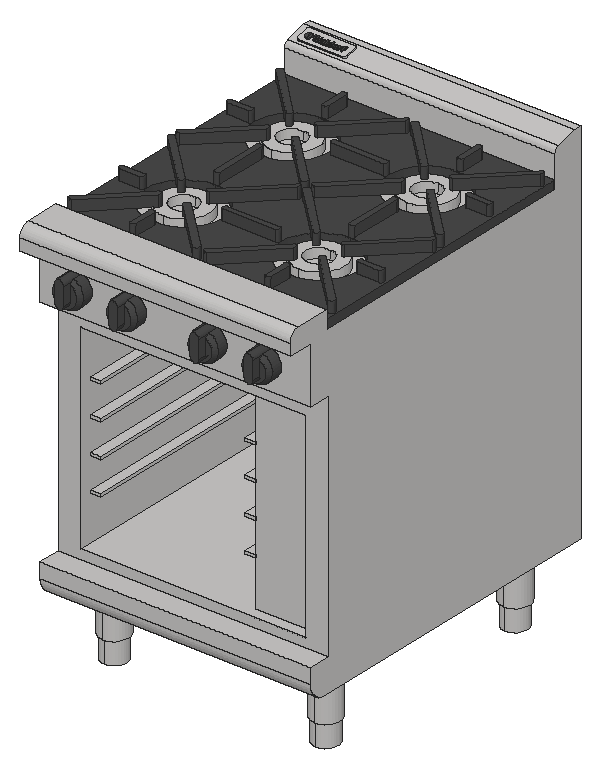
Revit family "QF_MOFFAT WALDORF_RNL8400G-CB", category Specialty Equipment, Revit 2012
Parameters
  Weight in Pounds = 176.3696
  URL Cutsheet = "www.moffat.com"
  URL = "www.moffat.com"
  Type Mark [instance] = ""
  Status [instance] = ""
  Specification by User [instance] = ""
  Specification by Manufacturer = ""
  Show Logo [instance] = yes
  Show Casters [instance] = no
  Serial Number = ""
  Seismic Rating = ""
  SMACNA No = ""
  Revision Code [instance] = ""
  Omniclass Number and Title = ""
  NAFEM Spec ID Number = ""
  Model = "RNL8400G-CB"
  Mechanical Remarks [instance] = ""
  Mechanical Connection Type [instance] = ""
  Masterspec = ""
  Manufacturer = "MOFFAT WALDORF"
  Legs [instance] = not(Show Casters)  # yes
  Item Number [instance] = ""
  Installed By [instance] = ""
  Identify Quantity as Lot [instance] = yes
  Gas Size = 3/4"
  Gas RI Height [instance] = 0 mm
  Gas KW [instance] = 31
  Gas Input [instance] = 106156.0 Btu/h
  Gas Connection Height = 0 mm
  Furnished By [instance] = ""
  Foodservice Equipment Identifier [instance] = yes
  Description = "COOK TOP LOW SPLASHBACK GAS ON CABINET BASE"
  CSI MasterFormat = ""
  CSI Master Format = ""
Reference planes
  plane 1 "BACK": y = 0
  plane 2: z = 0
  plane 3 "LEFT": x = 0
  plane 4 "RIGHT": x = 600
  plane 5 "FRONT": y = -805
  plane 6 "TOP": z = 970
  plane 7 "Center Y": x = 300
  plane 8 "Center X": y = -402.5
  plane 9: x = 65
  plane 10: x = 535
  plane 11: x = 65
  plane 12: x = 535
  plane 13: y = -100
  plane 14: x = 65.8
  plane 15 "Base Height": z = 150
Forms (mm)
  Extrusion 1, solid, material "QF_Finishes_Stainless Steel"
    sketch origin (0, 0, 0) x (0, 1, 0) y (0, 0, 1)
      loop
        line (-805, 891) -> (-805, 866) -> (-749, 866) -> (-749, 740) -> (-150, 740) -> (-150, 222.5) -> (-749, 222.5) -> (-749, 188)
        arc (-749, 188) -> (-737.87, 161.13) -> (-711, 150) r 38
        line (-711, 150) -> (0, 150) -> (0, 970) -> (-16.5, 970) -> (-61.106, 958.048)
        arc (-61.106, 958.048) -> (-67.52, 953.762) -> (-70, 946.457) r 12
        line (-70, 946.457) -> (-70, 875) -> (-705, 875) -> (-705, 915) -> (-781, 915)
        arc (-781, 915) -> (-797.971, 907.971) -> (-805, 891) r 24
    from 0 to 600
  Revolve 2, solid, material "QF_Finishes_Black"
    sketch origin (210, 0, 765.895) x (0, -1, 0) y (0, 0, 1)
      loop
        line (782, 69.605) -> (759, 69.605) -> (759, 42.105) -> (749, 42.105) -> (749, 37.105) -> (793, 37.105) -> (793, 63.757) -> (782, 69.605)
      axis (793, 37.105) -> (749, 37.105)
    angle from 0 to 360
  Extrusion 3, solid, material "QF_Finishes_Black"
    sketch origin (71.569, 0, 661.898) x (1, 0, 0) y (0, 0, 1)
      loop
        line (148.431, 129) -> (148.431, 167.997)
        arc (148.431, 167.997) -> (138.431, 177.997) -> (128.431, 167.997) r 10
        line (128.431, 167.997) -> (128.431, 129)
        arc (128.431, 129) -> (138.431, 119) -> (148.431, 129) r 10
    from 759 to 808
  Extrusion 4, solid, material "QF_Finishes_Stainless Steel"
    sketch origin (405.687, 3, 100) x (1, 0, 0) y (0, 1, 0)
      loop
        circle (65, -35) r 13.5
    from 555 to 640
  Revolve 5, solid, material "QF_Finishes_Black"
    sketch origin (89.999, 0, 765.768) x (0, 1, 0) y (0, 0, -1)
      loop
        line (-782, -69.5) -> (-759, -69.5) -> (-759, -42) -> (-749, -42) -> (-749, -37) -> (-793, -37) -> (-793, -63.651) -> (-782, -69.5)
      axis (-793, -37) -> (-749, -37)
    angle from 0 to 360
  Extrusion 6, solid, material "QF_Finishes_Black"
    sketch origin (228.269, 0, 765.926) x (-1, 0, 0) y (0, 0, -1)
      loop
        arc (148.269, -24.969) -> (138.269, -14.969) -> (128.269, -24.969) r 10
        line (128.269, -24.969) -> (128.269, -63.969)
        arc (128.269, -63.969) -> (138.269, -73.969) -> (148.269, -63.969) r 10
        line (148.269, -63.969) -> (148.269, -24.969)
    from 759 to 808
  Revolve 7, solid, material "QF_Finishes_Black"
    sketch origin (510, 0, 765.895) x (0, -1, 0) y (0, 0, 1)
      loop
        line (782, 69.605) -> (759, 69.605) -> (759, 42.105) -> (749, 42.105) -> (749, 37.105) -> (793, 37.105) -> (793, 63.757) -> (782, 69.605)
      axis (793, 37.105) -> (749, 37.105)
    angle from 0 to 360
  Extrusion 8, solid, material "QF_Finishes_Black"
    sketch origin (371.569, 0, 661.898) x (1, 0, 0) y (0, 0, 1)
      loop
        line (148.431, 129) -> (148.431, 167.997)
        arc (148.431, 167.997) -> (138.431, 177.997) -> (128.431, 167.997) r 10
        line (128.431, 167.997) -> (128.431, 129)
        arc (128.431, 129) -> (138.431, 119) -> (148.431, 129) r 10
    from 759 to 808
  Revolve 9, solid, material "QF_Finishes_Black"
    sketch origin (389.999, 0, 765.768) x (0, 1, 0) y (0, 0, -1)
      loop
        line (-782, -69.5) -> (-759, -69.5) -> (-759, -42) -> (-749, -42) -> (-749, -37) -> (-793, -37) -> (-793, -63.651) -> (-782, -69.5)
      axis (-793, -37) -> (-749, -37)
    angle from 0 to 360
  Extrusion 10, solid, material "QF_Finishes_Black"
    sketch origin (528.269, 0, 765.926) x (-1, 0, 0) y (0, 0, -1)
      loop
        arc (148.269, -24.969) -> (138.269, -14.969) -> (128.269, -24.969) r 10
        line (128.269, -24.969) -> (128.269, -63.969)
        arc (128.269, -63.969) -> (138.269, -73.969) -> (148.269, -63.969) r 10
        line (148.269, -63.969) -> (148.269, -24.969)
    from 759 to 808
  Extrusion 11, solid, material "QF_Finishes_Stainless Steel"
    sketch origin (0, 0, 0) x (1, 0, 0) y (0, 0, 1)
      loop
        line (0, 222.5) -> (600, 222.5) -> (600, 740) -> (0, 740) -> (0, 222.5)
      loop
        line (50, 685) -> (50, 242.5) -> (550, 242.5) -> (550, 685) -> (50, 685)
    from 150 to 699
  Extrusion 12, solid, material "QF_Finishes_Black"
    sketch origin (0, -70, 875) x (0, -1, 0) y (1, 0, 0)
      loop
        arc (1, 4) -> (1.879, 1.879) -> (4, 1) r 3
        line (4, 1) -> (631, 1)
        arc (631, 1) -> (633.121, 1.879) -> (634, 4) r 3
        line (634, 4) -> (634, 596)
        arc (634, 596) -> (633.121, 598.121) -> (631, 599) r 3
        line (631, 599) -> (4, 599)
        arc (4, 599) -> (1.879, 598.121) -> (1, 596) r 3
        line (1, 596) -> (1, 4)
      loop
        circle (167.5, 150) r 85
      loop
        circle (167.5, 450) r 85
      loop
        circle (467.768, 150) r 85
      loop
        circle (467.768, 450) r 85
    from 0 to 19.5
  Extrusion 13, solid, material "QF_Finishes_Black"
    sketch origin (0, -70, 894.5) x (0, -1, 0) y (1, 0, 0)
      loop
        spline (323.602, 15.153) -> (322.681, 13.924) -> (322.131, 12.47) -> (321.99, 10.89) -> (322.267, 9.292) -> (322.943, 7.786) -> (323.973, 6.473) -> (325.286, 5.443) -> (326.792, 4.767) -> (328.39, 4.49) -> (329.97, 4.631) -> (331.424, 5.181) -> (332.653, 6.102)
        line (332.653, 6.102) -> (440.576, 114.025)
        spline (440.576, 114.025) -> (441.337, 115.095) -> (441.738, 116.399) -> (441.751, 117.851) -> (441.375, 119.35) -> (440.637, 120.795) -> (439.586, 122.086) -> (438.295, 123.137) -> (436.85, 123.875) -> (435.351, 124.251) -> (433.899, 124.238) -> (432.595, 123.837) -> (431.525, 123.076)
        line (431.525, 123.076) -> (323.602, 15.153)
      loop
        line (611.398, 15.153) -> (503.475, 123.076)
        spline (503.475, 123.076) -> (502.405, 123.837) -> (501.101, 124.238) -> (499.649, 124.251) -> (498.15, 123.875) -> (496.705, 123.137) -> (495.414, 122.086) -> (494.363, 120.795) -> (493.625, 119.35) -> (493.249, 117.851) -> (493.262, 116.399) -> (493.663, 115.095) -> (494.424, 114.025)
        line (494.424, 114.025) -> (602.347, 6.102)
        spline (602.347, 6.102) -> (603.416, 5.341) -> (604.721, 4.941) -> (606.172, 4.928) -> (607.671, 5.303) -> (609.116, 6.041) -> (610.408, 7.092) -> (611.459, 8.384) -> (612.197, 9.829) -> (612.572, 11.328) -> (612.559, 12.779) -> (612.159, 14.084) -> (611.398, 15.153)
      loop
        spline (375.602, 143.6) -> (376.896, 143.818) -> (378.102, 144.457) -> (379.138, 145.475) -> (379.932, 146.8) -> (380.432, 148.344) -> (380.602, 150) -> (380.432, 151.656) -> (379.932, 153.2) -> (379.138, 154.525) -> (378.102, 155.543) -> (376.896, 156.182) -> (375.602, 156.4)
        line (375.602, 156.4) -> (259.398, 156.4)
        spline (259.398, 156.4) -> (258.104, 156.182) -> (256.898, 155.543) -> (255.862, 154.525) -> (255.068, 153.2) -> (254.568, 151.656) -> (254.398, 150) -> (254.568, 148.344) -> (255.068, 146.8) -> (255.862, 145.475) -> (256.898, 144.457) -> (258.104, 143.818) -> (259.398, 143.6)
        line (259.398, 143.6) -> (375.602, 143.6)
      loop
        spline (23.602, 15.153) -> (22.681, 13.924) -> (22.131, 12.47) -> (21.99, 10.89) -> (22.267, 9.292) -> (22.943, 7.786) -> (23.973, 6.473) -> (25.286, 5.443) -> (26.792, 4.767) -> (28.39, 4.49) -> (29.97, 4.631) -> (31.424, 5.181) -> (32.653, 6.102)
        line (32.653, 6.102) -> (140.576, 114.025)
        spline (140.576, 114.025) -> (141.337, 115.095) -> (141.738, 116.399) -> (141.751, 117.851) -> (141.375, 119.35) -> (140.637, 120.795) -> (139.586, 122.086) -> (138.295, 123.137) -> (136.85, 123.875) -> (135.351, 124.251) -> (133.899, 124.238) -> (132.595, 123.837) -> (131.525, 123.076)
        line (131.525, 123.076) -> (23.602, 15.153)
      loop
        line (311.398, 15.153) -> (203.475, 123.076)
        spline (203.475, 123.076) -> (202.405, 123.837) -> (201.101, 124.238) -> (199.649, 124.251) -> (198.15, 123.875) -> (196.705, 123.137) -> (195.414, 122.086) -> (194.363, 120.795) -> (193.625, 119.35) -> (193.249, 117.851) -> (193.262, 116.399) -> (193.663, 115.095) -> (194.424, 114.025)
        line (194.424, 114.025) -> (302.347, 6.102)
        spline (302.347, 6.102) -> (303.416, 5.341) -> (304.721, 4.941) -> (306.172, 4.928) -> (307.671, 5.303) -> (309.116, 6.041) -> (310.408, 7.092) -> (311.459, 8.384) -> (312.197, 9.829) -> (312.572, 11.328) -> (312.559, 12.779) -> (312.159, 14.084) -> (311.398, 15.153)
      loop
        line (323.602, 284.847) -> (431.525, 176.924)
        spline (431.525, 176.924) -> (432.595, 176.163) -> (433.899, 175.762) -> (435.351, 175.749) -> (436.85, 176.125) -> (438.295, 176.863) -> (439.586, 177.914) -> (440.637, 179.205) -> (441.375, 180.65) -> (441.751, 182.149) -> (441.738, 183.601) -> (441.337, 184.905) -> (440.576, 185.975)
        line (440.576, 185.975) -> (332.653, 293.898)
        spline (332.653, 293.898) -> (331.424, 294.819) -> (329.97, 295.369) -> (328.39, 295.51) -> (326.792, 295.233) -> (325.286, 294.557) -> (323.973, 293.527) -> (322.943, 292.214) -> (322.267, 290.708) -> (321.99, 289.11) -> (322.131, 287.53) -> (322.681, 286.076) -> (323.602, 284.847)
      loop
        spline (611.398, 284.847) -> (612.159, 285.916) -> (612.559, 287.221) -> (612.572, 288.672) -> (612.197, 290.171) -> (611.459, 291.616) -> (610.408, 292.908) -> (609.116, 293.959) -> (607.671, 294.697) -> (606.172, 295.072) -> (604.721, 295.059) -> (603.416, 294.659) -> (602.347, 293.898)
        line (602.347, 293.898) -> (494.424, 185.975)
        spline (494.424, 185.975) -> (493.663, 184.905) -> (493.262, 183.601) -> (493.249, 182.149) -> (493.625, 180.65) -> (494.363, 179.205) -> (495.414, 177.914) -> (496.705, 176.863) -> (498.15, 176.125) -> (499.649, 175.749) -> (501.101, 175.762) -> (502.405, 176.163) -> (503.475, 176.924)
        line (503.475, 176.924) -> (611.398, 284.847)
      loop
        spline (461.1, 241.898) -> (461.318, 240.604) -> (461.957, 239.398) -> (462.975, 238.362) -> (464.3, 237.568) -> (465.844, 237.068) -> (467.5, 236.898) -> (469.156, 237.068) -> (470.7, 237.568) -> (472.025, 238.362) -> (473.043, 239.398) -> (473.682, 240.604) -> (473.9, 241.898)
        line (473.9, 241.898) -> (473.9, 358.102)
        spline (473.9, 358.102) -> (473.682, 359.396) -> (473.043, 360.602) -> (472.025, 361.638) -> (470.7, 362.432) -> (469.156, 362.932) -> (467.5, 363.102) -> (465.844, 362.932) -> (464.3, 362.432) -> (462.975, 361.638) -> (461.957, 360.602) -> (461.318, 359.396) -> (461.1, 358.102)
        line (461.1, 358.102) -> (461.1, 241.898)
      loop
        line (23.602, 284.847) -> (131.525, 176.924)
        spline (131.525, 176.924) -> (132.595, 176.163) -> (133.899, 175.762) -> (135.351, 175.749) -> (136.85, 176.125) -> (138.295, 176.863) -> (139.586, 177.914) -> (140.637, 179.205) -> (141.375, 180.65) -> (141.751, 182.149) -> (141.738, 183.601) -> (141.337, 184.905) -> (140.576, 185.975)
        line (140.576, 185.975) -> (32.653, 293.898)
        spline (32.653, 293.898) -> (31.424, 294.819) -> (29.97, 295.369) -> (28.39, 295.51) -> (26.792, 295.233) -> (25.286, 294.557) -> (23.973, 293.527) -> (22.943, 292.214) -> (22.267, 290.708) -> (21.99, 289.11) -> (22.131, 287.53) -> (22.681, 286.076) -> (23.602, 284.847)
      loop
        spline (311.398, 284.847) -> (312.159, 285.916) -> (312.559, 287.221) -> (312.572, 288.672) -> (312.197, 290.171) -> (311.459, 291.616) -> (310.408, 292.908) -> (309.116, 293.959) -> (307.671, 294.697) -> (306.172, 295.072) -> (304.721, 295.059) -> (303.416, 294.659) -> (302.347, 293.898)
        line (302.347, 293.898) -> (194.424, 185.975)
        spline (194.424, 185.975) -> (193.663, 184.905) -> (193.262, 183.601) -> (193.249, 182.149) -> (193.625, 180.65) -> (194.363, 179.205) -> (195.414, 177.914) -> (196.705, 176.863) -> (198.15, 176.125) -> (199.649, 175.749) -> (201.101, 175.762) -> (202.405, 176.163) -> (203.475, 176.924)
        line (203.475, 176.924) -> (311.398, 284.847)
      loop
        spline (161.1, 241.898) -> (161.318, 240.604) -> (161.957, 239.398) -> (162.975, 238.362) -> (164.3, 237.568) -> (165.844, 237.068) -> (167.5, 236.898) -> (169.156, 237.068) -> (170.7, 237.568) -> (172.025, 238.362) -> (173.043, 239.398) -> (173.682, 240.604) -> (173.9, 241.898)
        line (173.9, 241.898) -> (173.9, 358.102)
        spline (173.9, 358.102) -> (173.682, 359.396) -> (173.043, 360.602) -> (172.025, 361.638) -> (170.7, 362.432) -> (169.156, 362.932) -> (167.5, 363.102) -> (165.844, 362.932) -> (164.3, 362.432) -> (162.975, 361.638) -> (161.957, 360.602) -> (161.318, 359.396) -> (161.1, 358.102)
        line (161.1, 358.102) -> (161.1, 241.898)
      loop
        line (323.602, 584.847) -> (431.525, 476.924)
        spline (431.525, 476.924) -> (432.595, 476.163) -> (433.899, 475.762) -> (435.351, 475.749) -> (436.85, 476.125) -> (438.295, 476.863) -> (439.586, 477.914) -> (440.637, 479.205) -> (441.375, 480.65) -> (441.751, 482.149) -> (441.738, 483.601) -> (441.337, 484.905) -> (440.576, 485.975)
        line (440.576, 485.975) -> (332.653, 593.898)
        spline (332.653, 593.898) -> (331.424, 594.819) -> (329.97, 595.369) -> (328.39, 595.51) -> (326.792, 595.233) -> (325.286, 594.557) -> (323.973, 593.527) -> (322.943, 592.214) -> (322.267, 590.708) -> (321.99, 589.11) -> (322.131, 587.53) -> (322.681, 586.076) -> (323.602, 584.847)
      loop
        spline (611.398, 584.847) -> (612.159, 585.916) -> (612.559, 587.221) -> (612.572, 588.672) -> (612.197, 590.171) -> (611.459, 591.616) -> (610.408, 592.908) -> (609.116, 593.959) -> (607.671, 594.697) -> (606.172, 595.072) -> (604.721, 595.059) -> (603.416, 594.659) -> (602.347, 593.898)
        line (602.347, 593.898) -> (494.424, 485.975)
        spline (494.424, 485.975) -> (493.663, 484.905) -> (493.262, 483.601) -> (493.249, 482.149) -> (493.625, 480.65) -> (494.363, 479.205) -> (495.414, 477.914) -> (496.705, 476.863) -> (498.15, 476.125) -> (499.649, 475.749) -> (501.101, 475.762) -> (502.405, 476.163) -> (503.475, 476.924)
        line (503.475, 476.924) -> (611.398, 584.847)
      loop
        line (375.602, 456.4) -> (259.398, 456.4)
        spline (259.398, 456.4) -> (258.104, 456.182) -> (256.898, 455.543) -> (255.862, 454.525) -> (255.068, 453.2) -> (254.568, 451.656) -> (254.398, 450) -> (254.568, 448.344) -> (255.068, 446.8) -> (255.862, 445.475) -> (256.898, 444.457) -> (258.104, 443.818) -> (259.398, 443.6)
        line (259.398, 443.6) -> (375.602, 443.6)
        spline (375.602, 443.6) -> (376.896, 443.818) -> (378.102, 444.457) -> (379.138, 445.475) -> (379.932, 446.8) -> (380.432, 448.344) -> (380.602, 450) -> (380.432, 451.656) -> (379.932, 453.2) -> (379.138, 454.525) -> (378.102, 455.543) -> (376.896, 456.182) -> (375.602, 456.4)
      loop
        line (23.602, 584.847) -> (131.525, 476.924)
        spline (131.525, 476.924) -> (132.595, 476.163) -> (133.899, 475.762) -> (135.351, 475.749) -> (136.85, 476.125) -> (138.295, 476.863) -> (139.586, 477.914) -> (140.637, 479.205) -> (141.375, 480.65) -> (141.751, 482.149) -> (141.738, 483.601) -> (141.337, 484.905) -> (140.576, 485.975)
        line (140.576, 485.975) -> (32.653, 593.898)
        spline (32.653, 593.898) -> (31.424, 594.819) -> (29.97, 595.369) -> (28.39, 595.51) -> (26.792, 595.233) -> (25.286, 594.557) -> (23.973, 593.527) -> (22.943, 592.214) -> (22.267, 590.708) -> (21.99, 589.11) -> (22.131, 587.53) -> (22.681, 586.076) -> (23.602, 584.847)
      loop
        spline (311.398, 584.847) -> (312.159, 585.916) -> (312.559, 587.221) -> (312.572, 588.672) -> (312.197, 590.171) -> (311.459, 591.616) -> (310.408, 592.908) -> (309.116, 593.959) -> (307.671, 594.697) -> (306.172, 595.072) -> (304.721, 595.059) -> (303.416, 594.659) -> (302.347, 593.898)
        line (302.347, 593.898) -> (194.424, 485.975)
        spline (194.424, 485.975) -> (193.663, 484.905) -> (193.262, 483.601) -> (193.249, 482.149) -> (193.625, 480.65) -> (194.363, 479.205) -> (195.414, 477.914) -> (196.705, 476.863) -> (198.15, 476.125) -> (199.649, 475.749) -> (201.101, 475.762) -> (202.405, 476.163) -> (203.475, 476.924)
        line (203.475, 476.924) -> (311.398, 584.847)
      loop
        spline (323.602, 315.153) -> (322.681, 313.924) -> (322.131, 312.47) -> (321.99, 310.89) -> (322.267, 309.292) -> (322.943, 307.786) -> (323.973, 306.473) -> (325.286, 305.443) -> (326.792, 304.767) -> (328.39, 304.49) -> (329.97, 304.631) -> (331.424, 305.181) -> (332.653, 306.102)
        line (332.653, 306.102) -> (440.576, 414.025)
        spline (440.576, 414.025) -> (441.337, 415.095) -> (441.738, 416.399) -> (441.751, 417.851) -> (441.375, 419.35) -> (440.637, 420.795) -> (439.586, 422.086) -> (438.295, 423.137) -> (436.85, 423.875) -> (435.351, 424.251) -> (433.899, 424.238) -> (432.595, 423.837) -> (431.525, 423.076)
        line (431.525, 423.076) -> (323.602, 315.153)
      loop
        line (611.398, 315.153) -> (503.475, 423.076)
        spline (503.475, 423.076) -> (502.405, 423.837) -> (501.101, 424.238) -> (499.649, 424.251) -> (498.15, 423.875) -> (496.705, 423.137) -> (495.414, 422.086) -> (494.363, 420.795) -> (493.625, 419.35) -> (493.249, 417.851) -> (493.262, 416.399) -> (493.663, 415.095) -> (494.424, 414.025)
        line (494.424, 414.025) -> (602.347, 306.102)
        spline (602.347, 306.102) -> (603.416, 305.341) -> (604.721, 304.941) -> (606.172, 304.928) -> (607.671, 305.303) -> (609.116, 306.041) -> (610.408, 307.092) -> (611.459, 308.384) -> (612.197, 309.829) -> (612.572, 311.328) -> (612.559, 312.779) -> (612.159, 314.084) -> (611.398, 315.153)
      loop
        spline (23.602, 315.153) -> (22.681, 313.924) -> (22.131, 312.47) -> (21.99, 310.89) -> (22.267, 309.292) -> (22.943, 307.786) -> (23.973, 306.473) -> (25.286, 305.443) -> (26.792, 304.767) -> (28.39, 304.49) -> (29.97, 304.631) -> (31.424, 305.181) -> (32.653, 306.102)
        line (32.653, 306.102) -> (140.576, 414.025)
        spline (140.576, 414.025) -> (141.337, 415.095) -> (141.738, 416.399) -> (141.751, 417.851) -> (141.375, 419.35) -> (140.637, 420.795) -> (139.586, 422.086) -> (138.295, 423.137) -> (136.85, 423.875) -> (135.351, 424.251) -> (133.899, 424.238) -> (132.595, 423.837) -> (131.525, 423.076)
        line (131.525, 423.076) -> (23.602, 315.153)
      loop
        line (311.398, 315.153) -> (203.475, 423.076)
        spline (203.475, 423.076) -> (202.405, 423.837) -> (201.101, 424.238) -> (199.649, 424.251) -> (198.15, 423.875) -> (196.705, 423.137) -> (195.414, 422.086) -> (194.363, 420.795) -> (193.625, 419.35) -> (193.249, 417.851) -> (193.262, 416.399) -> (193.663, 415.095) -> (194.424, 414.025)
        line (194.424, 414.025) -> (302.347, 306.102)
        spline (302.347, 306.102) -> (303.416, 305.341) -> (304.721, 304.941) -> (306.172, 304.928) -> (307.671, 305.303) -> (309.116, 306.041) -> (310.408, 307.092) -> (311.459, 308.384) -> (312.197, 309.829) -> (312.572, 311.328) -> (312.559, 312.779) -> (312.159, 314.084) -> (311.398, 315.153)
      loop
        spline (161.1, 541.898) -> (161.318, 540.604) -> (161.957, 539.398) -> (162.975, 538.362) -> (164.3, 537.568) -> (165.844, 537.068) -> (167.5, 536.898) -> (169.156, 537.068) -> (170.7, 537.568) -> (172.025, 538.362) -> (173.043, 539.398) -> (173.682, 540.604) -> (173.9, 541.898)
        line (173.9, 541.898) -> (173.9, 588.102)
        spline (173.9, 588.102) -> (173.682, 589.396) -> (173.043, 590.602) -> (172.025, 591.638) -> (170.7, 592.432) -> (169.156, 592.932) -> (167.5, 593.102) -> (165.844, 592.932) -> (164.3, 592.432) -> (162.975, 591.638) -> (161.957, 590.602) -> (161.318, 589.396) -> (161.1, 588.102)
        line (161.1, 588.102) -> (161.1, 541.898)
      loop
        spline (461.368, 541.898) -> (461.586, 540.604) -> (462.225, 539.398) -> (463.242, 538.362) -> (464.568, 537.568) -> (466.111, 537.068) -> (467.768, 536.898) -> (469.424, 537.068) -> (470.968, 537.568) -> (472.293, 538.362) -> (473.31, 539.398) -> (473.95, 540.604) -> (474.168, 541.898)
        line (474.168, 541.898) -> (474.168, 588.102)
        spline (474.168, 588.102) -> (473.95, 589.396) -> (473.31, 590.602) -> (472.293, 591.638) -> (470.968, 592.432) -> (469.424, 592.932) -> (467.768, 593.102) -> (466.111, 592.932) -> (464.568, 592.432) -> (463.242, 591.638) -> (462.225, 590.602) -> (461.586, 589.396) -> (461.368, 588.102)
        line (461.368, 588.102) -> (461.368, 541.898)
      loop
        line (161.1, 58.102) -> (161.1, 11.898)
        spline (161.1, 11.898) -> (161.318, 10.604) -> (161.957, 9.398) -> (162.975, 8.362) -> (164.3, 7.568) -> (165.844, 7.068) -> (167.5, 6.898) -> (169.156, 7.068) -> (170.7, 7.568) -> (172.025, 8.362) -> (173.043, 9.398) -> (173.682, 10.604) -> (173.9, 11.898)
        line (173.9, 11.898) -> (173.9, 58.102)
        spline (173.9, 58.102) -> (173.682, 59.396) -> (173.043, 60.602) -> (172.025, 61.638) -> (170.7, 62.432) -> (169.156, 62.932) -> (167.5, 63.102) -> (165.844, 62.932) -> (164.3, 62.432) -> (162.975, 61.638) -> (161.957, 60.602) -> (161.318, 59.396) -> (161.1, 58.102)
      loop
        line (461.368, 58.102) -> (461.368, 11.898)
        spline (461.368, 11.898) -> (461.586, 10.604) -> (462.225, 9.398) -> (463.242, 8.362) -> (464.568, 7.568) -> (466.111, 7.068) -> (467.768, 6.898) -> (469.424, 7.068) -> (470.968, 7.568) -> (472.293, 8.362) -> (473.31, 9.398) -> (473.95, 10.604) -> (474.168, 11.898)
        line (474.168, 11.898) -> (474.168, 58.102)
        spline (474.168, 58.102) -> (473.95, 59.396) -> (473.31, 60.602) -> (472.293, 61.638) -> (470.968, 62.432) -> (469.424, 62.932) -> (467.768, 63.102) -> (466.111, 62.932) -> (464.568, 62.432) -> (463.242, 61.638) -> (462.225, 60.602) -> (461.586, 59.396) -> (461.368, 58.102)
      loop
        spline (74.977, 143.6) -> (76.271, 143.818) -> (77.477, 144.457) -> (78.513, 145.475) -> (79.307, 146.8) -> (79.807, 148.344) -> (79.977, 150) -> (79.807, 151.656) -> (79.307, 153.2) -> (78.513, 154.525) -> (77.477, 155.543) -> (76.271, 156.182) -> (74.977, 156.4)
        line (74.977, 156.4) -> (24.398, 156.4)
        spline (24.398, 156.4) -> (23.104, 156.182) -> (21.898, 155.543) -> (20.862, 154.525) -> (20.068, 153.2) -> (19.568, 151.656) -> (19.398, 150) -> (19.568, 148.344) -> (20.068, 146.8) -> (20.862, 145.475) -> (21.898, 144.457) -> (23.104, 143.818) -> (24.398, 143.6)
        line (24.398, 143.6) -> (74.977, 143.6)
      loop
        spline (74.977, 443.402) -> (76.271, 443.621) -> (77.477, 444.26) -> (78.513, 445.277) -> (79.307, 446.602) -> (79.807, 448.146) -> (79.977, 449.802) -> (79.807, 451.459) -> (79.307, 453.002) -> (78.513, 454.328) -> (77.477, 455.345) -> (76.271, 455.984) -> (74.977, 456.202)
        line (74.977, 456.202) -> (24.398, 456.202)
        spline (24.398, 456.202) -> (23.104, 455.984) -> (21.898, 455.345) -> (20.862, 454.328) -> (20.068, 453.002) -> (19.568, 451.459) -> (19.398, 449.802) -> (19.568, 448.146) -> (20.068, 446.602) -> (20.862, 445.277) -> (21.898, 444.26) -> (23.104, 443.621) -> (24.398, 443.402)
        line (24.398, 443.402) -> (74.977, 443.402)
      loop
        spline (608.528, 143.6) -> (609.822, 143.818) -> (611.028, 144.457) -> (612.063, 145.475) -> (612.858, 146.8) -> (613.357, 148.344) -> (613.528, 150) -> (613.357, 151.656) -> (612.858, 153.2) -> (612.063, 154.525) -> (611.028, 155.543) -> (609.822, 156.182) -> (608.528, 156.4)
        line (608.528, 156.4) -> (557.949, 156.4)
        spline (557.949, 156.4) -> (556.655, 156.182) -> (555.449, 155.543) -> (554.413, 154.525) -> (553.618, 153.2) -> (553.119, 151.656) -> (552.949, 150) -> (553.119, 148.344) -> (553.618, 146.8) -> (554.413, 145.475) -> (555.449, 144.457) -> (556.655, 143.818) -> (557.949, 143.6)
        line (557.949, 143.6) -> (608.528, 143.6)
      loop
        spline (608.528, 443.402) -> (609.822, 443.621) -> (611.028, 444.26) -> (612.063, 445.277) -> (612.858, 446.602) -> (613.357, 448.146) -> (613.528, 449.802) -> (613.357, 451.459) -> (612.858, 453.002) -> (612.063, 454.328) -> (611.028, 455.345) -> (609.822, 455.984) -> (608.528, 456.202)
        line (608.528, 456.202) -> (557.949, 456.202)
        spline (557.949, 456.202) -> (556.655, 455.984) -> (555.449, 455.345) -> (554.413, 454.328) -> (553.618, 453.002) -> (553.119, 451.459) -> (552.949, 449.802) -> (553.119, 448.146) -> (553.618, 446.602) -> (554.413, 445.277) -> (555.449, 444.26) -> (556.655, 443.621) -> (557.949, 443.402)
        line (557.949, 443.402) -> (608.528, 443.402)
    from 0 to 23.5
  Revolve 14, solid, material "QF_Finishes_Stainless Steel", visible <- "Legs"
    sketch origin (65, -165, 0) x (0, 1, 0) y (0, 0, 1)
      loop
        line (33.25, 150) -> (33.25, 50) -> (37.5, 50) -> (37.5, 0) -> (65, 0) -> (65, 150) -> (33.25, 150)
      axis (65, 150) -> (65, 0)
    angle from 0 to 360
  Revolve 15, solid, material "QF_Finishes_Stainless Steel"
    sketch origin (65, -735, 0) x (0, 1, 0) y (0, 0, 1)
      loop
        line (78.25, 150) -> (78.25, 50) -> (82.5, 50) -> (82.5, 0) -> (110, 0) -> (110, 150) -> (78.25, 150)
      axis (110, 150) -> (110, 0)
    angle from 0 to 360
  Revolve 16, solid, material "QF_Finishes_Stainless Steel"
    sketch origin (535, -735, 0) x (0, 1, 0) y (0, 0, -1)
      loop
        line (78.25, -150) -> (110, -150) -> (110, 0) -> (82.5, 0) -> (82.5, -50) -> (78.25, -50) -> (78.25, -150)
      axis (110, -150) -> (110, 0)
    angle from 0 to 360
  Revolve 17, solid, material "QF_Finishes_Stainless Steel", visible <- "Legs"
    sketch origin (535, -165, 0) x (0, 1, 0) y (0, 0, -1)
      loop
        line (33.25, -150) -> (65, -150) -> (65, 0) -> (37.5, 0) -> (37.5, -50) -> (33.25, -50) -> (33.25, -150)
      axis (65, -150) -> (65, 0)
    angle from 0 to 360
  Extrusion 18, void
    sketch origin (0, 9.76, 0) x (1, 0, 0) y (0, 1, 0)
      loop
        line (535.614, -87.26) -> (535.614, 30.24) -> (406.114, 30.24) -> (406.114, -38.76) -> (454.614, -87.26) -> (535.614, -87.26)
    from 222.5 to 740
  Extrusion 19, solid, material "QF_Finishes_Stainless Steel"
    sketch origin (0, -150, 222.5) x (0, 0, 1) y (-1, 0, 0)
      loop
        line (196.25, -50) -> (196.25, -75) -> (202.6, -75) -> (202.6, -50) -> (196.25, -50)
      loop
        line (277.6, -75) -> (277.6, -50) -> (271.25, -50) -> (271.25, -75) -> (277.6, -75)
      loop
        line (121.25, -50) -> (121.25, -75) -> (127.6, -75) -> (127.6, -50) -> (121.25, -50)
      loop
        line (352.6, -75) -> (352.6, -50) -> (346.25, -50) -> (346.25, -75) -> (352.6, -75)
      loop
        line (196.25, -419.5) -> (202.6, -419.5) -> (202.6, -394.5) -> (196.25, -394.5) -> (196.25, -419.5)
      loop
        line (277.6, -394.5) -> (271.25, -394.5) -> (271.25, -419.5) -> (277.6, -419.5) -> (277.6, -394.5)
      loop
        line (121.25, -419.5) -> (127.6, -419.5) -> (127.6, -394.5) -> (121.25, -394.5) -> (121.25, -419.5)
      loop
        line (352.6, -394.5) -> (346.25, -394.5) -> (346.25, -419.5) -> (352.6, -419.5) -> (352.6, -394.5)
    from 0 to 524
  Extrusion 20, solid, material "QF_Finishes_Stainless Steel"
    sketch origin (0, -120, 735.938) x (0, 0, 1) y (-1, 0, 0)
      loop
        line (-50.938, -550) -> (-50.938, -419.5) -> (-493.438, -419.5) -> (-493.438, -550) -> (-50.938, -550)
    from 546.898 to 554
  Extrusion 21, solid, material "QF_Finishes_Stainless Steel"
    sketch origin (0, -70, 875) x (0, -1, 0) y (1, 0, 0)
      loop
        circle (167.5, 150) r 57
      loop
        circle (167.5, 450) r 57
      loop
        circle (467.5, 450) r 57
      loop
        circle (467.5, 150) r 57
      loop
        circle (167.5, 150) r 30
      loop
        circle (167.5, 450) r 30
      loop
        circle (467.5, 150) r 30
      loop
        circle (467.5, 450) r 30
    from 0 to 20
Cuts and joins
  joined: Revolve 2, Extrusion 3
  joined: Revolve 5, Extrusion 6
  Extrusion 18 cuts Extrusion 1
  joined: Extrusion 1, Extrusion 11
Lines and regions (mm)
  Split face 1
    outline origin (22.5, -20.122, 969.029) x (0, -0.965926, -0.258819) y (1, 0, 0)
      loop
        line (1.427, 105.5) -> (35.836, 105.5) -> (35.836, 125.5) -> (1.427, 125.5) -> (1.427, 105.5)
  Split face 2
    outline origin (49.289, -20.122, 969.029) x (0, -0.965926, -0.258819) y (1, 0, 0)
      loop
        line (1.427, 105.5) -> (35.836, 105.5) -> (35.836, 125.5) -> (1.427, 125.5) -> (1.427, 105.5)
  Split face 3
    outline origin (76.967, -20.122, 969.029) x (0, -0.965926, -0.258819) y (1, 0, 0)
      loop
        line (1.427, 105.5) -> (35.836, 105.5) -> (35.836, 125.5) -> (1.427, 125.5) -> (1.427, 105.5)
  Split face 4
    outline origin (103.591, -20.122, 969.029) x (0, -0.965926, -0.258819) y (1, 0, 0)
      loop
        line (1.427, 105.5) -> (35.836, 105.5) -> (35.836, 125.5) -> (1.427, 125.5) -> (1.427, 105.5)
  Split face 5
    outline origin (130.215, -20.122, 969.029) x (0, -0.965926, -0.258819) y (1, 0, 0)
      loop
        line (1.427, 105.5) -> (35.836, 105.5) -> (35.836, 125.5) -> (1.427, 125.5) -> (1.427, 105.5)
  Split face 6
    outline origin (157.366, -20.122, 969.029) x (0, -0.965926, -0.258819) y (1, 0, 0)
      loop
        line (1.427, 105.5) -> (35.836, 105.5) -> (35.836, 125.5) -> (1.427, 125.5) -> (1.427, 105.5)
  Split face 7
    outline origin (184.781, -20.122, 969.029) x (0, -0.965926, -0.258819) y (1, 0, 0)
      loop
        line (1.427, 105.5) -> (35.836, 105.5) -> (35.836, 125.5) -> (1.427, 125.5) -> (1.427, 105.5)
  Split face 8
    outline origin (211.405, -20.122, 969.029) x (0, -0.965926, -0.258819) y (1, 0, 0)
      loop
        line (1.427, 105.5) -> (35.836, 105.5) -> (35.836, 125.5) -> (1.427, 125.5) -> (1.427, 105.5)
  Split face 9
    outline origin (238.292, -20.122, 969.029) x (0, -0.965926, -0.258819) y (1, 0, 0)
      loop
        line (1.427, 105.5) -> (35.836, 105.5) -> (35.836, 125.5) -> (1.427, 125.5) -> (1.427, 105.5)
  Split face 10
    outline origin (265.971, -20.122, 969.029) x (0, -0.965926, -0.258819) y (1, 0, 0)
      loop
        line (1.427, 105.5) -> (35.836, 105.5) -> (35.836, 125.5) -> (1.427, 125.5) -> (1.427, 105.5)
  Split face 11
    outline origin (292.533, -20.122, 969.029) x (0, -0.965926, -0.258819) y (1, 0, 0)
      loop
        line (1.427, 105.5) -> (35.836, 105.5) -> (35.836, 125.5) -> (1.427, 125.5) -> (1.427, 105.5)
  Split face 12
    outline origin (319.444, -20.122, 969.029) x (0, -0.965926, -0.258819) y (1, 0, 0)
      loop
        line (1.427, 105.5) -> (35.836, 105.5) -> (35.836, 125.5) -> (1.427, 125.5) -> (1.427, 105.5)
  Split face 13
    outline origin (346.271, -20.122, 969.029) x (0, -0.965926, -0.258819) y (1, 0, 0)
      loop
        line (1.427, 105.5) -> (35.836, 105.5) -> (35.836, 125.5) -> (1.427, 125.5) -> (1.427, 105.5)
  symbolic lines
    curve 1: line (0, 0, 0) -> (0, -805, 0)
    curve 2: line (600, 0, 0) -> (0, 0, 0)
    curve 3: line (600, -805, 0) -> (600, 0, 0)
    curve 4: line (0, -805, 0) -> (600, -805, 0)
    curve 9: line (600, -705, 0) -> (0, -705, 0)
    curve 10: line (300, -70, 0) -> (300, -705, 0)
    curve 11: line (128, -50.782, 0) -> (128, -20.984, 0)
    curve 12: line (128, -20.984, 0) -> (148, -20.984, 0)
    curve 13: line (148, -20.984, 0) -> (148, -50.782, 0)
    curve 14: line (148, -50.782, 0) -> (128, -50.782, 0)
    curve 15: line (154.789, -50.782, 0) -> (154.789, -20.984, 0)
    curve 16: line (154.789, -20.984, 0) -> (174.789, -20.984, 0)
    curve 17: line (174.789, -20.984, 0) -> (174.789, -50.782, 0)
    curve 18: line (174.789, -50.782, 0) -> (154.789, -50.782, 0)
    curve 19: line (182.467, -20.984, 0) -> (202.467, -20.984, 0)
    curve 20: line (202.467, -20.984, 0) -> (202.467, -50.782, 0)
    curve 21: line (202.467, -50.782, 0) -> (182.467, -50.782, 0)
    curve 22: line (182.467, -50.782, 0) -> (182.467, -20.984, 0)
    curve 23: line (229.091, -20.984, 0) -> (209.091, -20.984, 0)
    curve 24: line (209.091, -20.984, 0) -> (209.091, -50.782, 0)
    curve 25: line (209.091, -50.782, 0) -> (229.091, -50.782, 0)
    curve 26: line (229.091, -50.782, 0) -> (229.091, -20.984, 0)
    curve 27: line (255.715, -20.984, 0) -> (235.715, -20.984, 0)
    curve 28: line (235.715, -20.984, 0) -> (235.715, -50.782, 0)
    curve 29: line (235.715, -50.782, 0) -> (255.715, -50.782, 0)
    curve 30: line (255.715, -50.782, 0) -> (255.715, -20.984, 0)
    curve 31: line (282.866, -20.984, 0) -> (262.866, -20.984, 0)
    curve 32: line (262.866, -20.984, 0) -> (262.866, -50.782, 0)
    curve 33: line (262.866, -50.782, 0) -> (282.866, -50.782, 0)
    curve 34: line (282.866, -50.782, 0) -> (282.866, -20.984, 0)
    curve 35: line (310.281, -20.984, 0) -> (290.281, -20.984, 0)
    curve 36: line (290.281, -20.984, 0) -> (290.281, -50.782, 0)
    curve 37: line (290.281, -50.782, 0) -> (310.281, -50.782, 0)
    curve 38: line (310.281, -50.782, 0) -> (310.281, -20.984, 0)
    curve 39: line (316.905, -20.984, 0) -> (336.905, -20.984, 0)
    curve 40: line (336.905, -20.984, 0) -> (336.905, -50.782, 0)
    curve 41: line (336.905, -50.782, 0) -> (316.905, -50.782, 0)
    curve 42: line (316.905, -50.782, 0) -> (316.905, -20.984, 0)
    curve 43: line (363.792, -20.984, 0) -> (343.792, -20.984, 0)
    curve 44: line (343.792, -20.984, 0) -> (343.792, -50.782, 0)
    curve 45: line (343.792, -50.782, 0) -> (363.792, -50.782, 0)
    curve 46: line (363.792, -50.782, 0) -> (363.792, -20.984, 0)
    curve 47: line (371.471, -50.782, 0) -> (391.471, -50.782, 0)
    curve 48: line (391.471, -50.782, 0) -> (391.471, -20.984, 0)
    curve 49: line (391.471, -20.984, 0) -> (371.471, -20.984, 0)
    curve 50: line (371.471, -20.984, 0) -> (371.471, -50.782, 0)
    curve 51: line (398.033, -50.782, 0) -> (418.033, -50.782, 0)
    curve 52: line (418.033, -50.782, 0) -> (418.033, -20.984, 0)
    curve 53: line (418.033, -20.984, 0) -> (398.033, -20.984, 0)
    curve 54: line (398.033, -20.984, 0) -> (398.033, -50.782, 0)
    curve 55: line (444.944, -50.782, 0) -> (424.944, -50.782, 0)
    curve 56: line (424.944, -50.782, 0) -> (424.944, -20.984, 0)
    curve 57: line (424.944, -20.984, 0) -> (444.944, -20.984, 0)
    curve 58: line (444.944, -20.984, 0) -> (444.944, -50.782, 0)
    curve 59: line (451.771, -50.782, 0) -> (471.771, -50.782, 0)
    curve 60: line (471.771, -50.782, 0) -> (471.771, -20.984, 0)
    curve 61: line (471.771, -20.984, 0) -> (451.771, -20.984, 0)
    curve 62: line (451.771, -20.984, 0) -> (451.771, -50.782, 0)
    curve 63: arc (150, -180.5, 0) -> (93, -237.5, 0) -> (150, -294.5, 0) r 57
    curve 64: arc (150, -294.5, 0) -> (207, -237.5, 0) -> (150, -180.5, 0) r 57
    curve 65: arc (450, -180.5, 0) -> (393, -237.5, 0) -> (450, -294.5, 0) r 57
    curve 66: arc (450, -294.5, 0) -> (507, -237.5, 0) -> (450, -180.5, 0) r 57
    curve 67: arc (150, -480.5, 0) -> (93, -537.5, 0) -> (150, -594.5, 0) r 57
    curve 68: arc (150, -594.5, 0) -> (207, -537.5, 0) -> (150, -480.5, 0) r 57
    curve 69: arc (450, -480.5, 0) -> (393, -537.5, 0) -> (450, -594.5, 0) r 57
    curve 70: arc (450, -594.5, 0) -> (507, -537.5, 0) -> (450, -480.5, 0) r 57
    curve 71: line (5.842, -93.966, 0) -> (121.036, -209.16, 0)
    curve 72: line (149.988, -91.33, 0) -> (149.988, -152.5, 0)
    curve 73: line (4.26, -237.366, 0) -> (64.26, -237.366, 0)
    curve 74: line (121.121, -265.113, 0) -> (6.585, -379.648, 0)
    curve 75: line (177.796, -265.64, 0) -> (292.595, -380.439, 0)
    curve 76: line (149.988, -322.5, 0) -> (149.988, -384.423, 0)
    curve 77: line (176.788, -209.684, 0) -> (292.899, -93.573, 0)
    curve 78: line (594.158, -93.966, 0) -> (478.964, -209.16, 0)
    curve 79: line (450.012, -91.33, 0) -> (450.012, -152.5, 0)
    curve 80: line (595.74, -237.366, 0) -> (535.74, -237.366, 0)
    curve 81: line (478.879, -265.113, 0) -> (593.415, -379.648, 0)
    curve 82: line (422.204, -265.64, 0) -> (307.405, -380.439, 0)
    curve 83: line (450.012, -322.5, 0) -> (450.012, -384.423, 0)
    curve 84: line (358.238, -236.771, 0) -> (242.49, -236.771, 0)
    curve 85: line (423.212, -209.684, 0) -> (307.101, -93.573, 0)
    curve 86: line (5.842, -681.034, 0) -> (121.036, -565.84, 0)
    curve 87: line (149.988, -683.67, 0) -> (149.988, -622.768, 0)
    curve 88: line (4.26, -537.634, 0) -> (64.26, -537.634, 0)
    curve 89: line (121.121, -509.887, 0) -> (6.585, -395.352, 0)
    curve 90: line (177.796, -509.36, 0) -> (292.595, -394.561, 0)
    curve 91: line (149.988, -452.768, 0) -> (149.988, -390.577, 0)
    curve 92: line (176.788, -565.316, 0) -> (292.899, -681.427, 0)
    curve 93: line (594.158, -681.034, 0) -> (478.964, -565.84, 0)
    curve 94: line (450.012, -683.67, 0) -> (450.012, -622.768, 0)
    curve 95: line (595.74, -537.634, 0) -> (535.74, -537.634, 0)
    curve 96: line (478.879, -509.887, 0) -> (593.415, -395.352, 0)
    curve 97: line (422.204, -509.36, 0) -> (307.405, -394.561, 0)
    curve 98: line (450.012, -452.768, 0) -> (450.012, -390.577, 0)
    curve 99: line (362.613, -538.229, 0) -> (237.613, -538.229, 0)
    curve 100: line (423.212, -565.316, 0) -> (307.101, -681.427, 0)
    curve 101: line (0, -70, 0) -> (600, -70, 0)
    curve 102: line (0, -387.5, 0) -> (599, -387.5, 0)
    curve 103: arc (149.988, -322.5, 0) -> (64.988, -237.5, 0) -> (149.988, -152.5, 0) r 85
    curve 104: arc (149.988, -152.5, 0) -> (234.988, -237.5, 0) -> (149.988, -322.5, 0) r 85
    curve 105: arc (450.012, -322.5, 0) -> (365.012, -237.5, 0) -> (450.012, -152.5, 0) r 85
    curve 106: arc (450.012, -152.5, 0) -> (535.012, -237.5, 0) -> (450.012, -322.5, 0) r 85
    curve 107: arc (149.988, -452.768, 0) -> (234.988, -537.768, 0) -> (149.988, -622.768, 0) r 85
    curve 108: arc (149.988, -622.768, 0) -> (64.988, -537.768, 0) -> (149.988, -452.768, 0) r 85
    curve 109: arc (450.012, -622.768, 0) -> (365.012, -537.768, 0) -> (450.012, -452.768, 0) r 85
    curve 110: arc (450.012, -452.768, 0) -> (535.012, -537.768, 0) -> (450.012, -622.768, 0) r 85
    curve 111: arc (150, -207.5, 0) -> (180, -237.5, 0) -> (150, -267.5, 0) r 30
    curve 112: arc (150, -267.5, 0) -> (120, -237.5, 0) -> (150, -207.5, 0) r 30
    curve 113: arc (450, -207.5, 0) -> (480, -237.5, 0) -> (450, -267.5, 0) r 30
    curve 114: arc (450, -267.5, 0) -> (420, -237.5, 0) -> (450, -207.5, 0) r 30
    curve 115: arc (450, -567.5, 0) -> (420, -537.5, 0) -> (450, -507.5, 0) r 30
    curve 116: arc (450, -507.5, 0) -> (480, -537.5, 0) -> (450, -567.5, 0) r 30
    curve 117: arc (150, -507.5, 0) -> (180, -537.5, 0) -> (150, -567.5, 0) r 30
    curve 118: arc (150, -567.5, 0) -> (120, -537.5, 0) -> (150, -507.5, 0) r 30
  symbolic lines, visible <- "Show Logo"
    curve 5: line (12.5, -51.234, 0) -> (12.5, -20.958, 0)
    curve 6: line (12.5, -20.958, 0) -> (121.5, -20.958, 0)
    curve 7: line (12.5, -51.234, 0) -> (121.5, -51.234, 0)
    curve 8: line (121.5, -20.958, 0) -> (121.5, -51.234, 0)
Dimensions and locks
  equal spacing: plane 3 "LEFT", plane 7 "Center Y", plane 4 "RIGHT"
  plane 3 "LEFT" to plane 4 "RIGHT" = 600 mm
  equal spacing: plane 5 "FRONT", plane 8 "Center X", plane 1 "BACK"
  plane 5 "FRONT" to plane 1 "BACK" = 805 mm  (x2)
  equal spacing: plane 4 "RIGHT", plane 7 "Center Y", plane 3 "LEFT"
  plane 4 "RIGHT" to plane 3 "LEFT" = 600 mm
  plane 6 "TOP" to level = 970 mm  (x2)
  Extrusion 4 to level = 655 mm
  Extrusion 4 to plane 1 "BACK" = 32 mm
  Extrusion 1 to level = 915 mm
  Extrusion 12 sketch curve to plane 14 = 64.8 mm
  plane 15 "Base Height" to level = 150 mm
  aligned and locked: level to plane 2
  aligned and locked: curve 3 to plane 4 "RIGHT"
Automatic sketch dimensions
  Revolve 2 sketch curve to plane 5 "FRONT" = 56 mm
  Revolve 2 sketch curve to Revolve 2 sketch curve = 10 mm
  Revolve 2 sketch curve to Revolve 2 sketch curve = 21.3 mm
  Revolve 2 sketch curve to Revolve 2 sketch curve = 23 mm
  Revolve 2 sketch curve to plane 5 "FRONT" = 12 mm
  Revolve 2 sketch curve to Revolve 2 sketch curve = 0 mm  (x2)
  Revolve 2 sketch curve to plane 6 "TOP" = 167 mm
  Revolve 2 sketch curve to Revolve 2 sketch curve = 5 mm
  Revolve 2 sketch curve to Revolve 2 sketch curve = 26.651 mm
  Revolve 2 sketch curve to Revolve 2 sketch curve = 5.849 mm
  Extrusion 3 sketch curve to plane 7 "Center Y" = 100 mm
  Extrusion 3 sketch curve to Extrusion 3 sketch curve = 10 mm
  Extrusion 3 sketch curve to plane 6 "TOP" = 179.102 mm
  Extrusion 3 sketch curve to Extrusion 3 sketch curve = 38.997 mm
  plane 1 "BACK" to Extrusion 4 sketch curve = 32 mm
  plane 10 to Extrusion 4 sketch curve = 64.312 mm
  Revolve 5 sketch curve to plane 5 "FRONT" = 12 mm
  Revolve 5 sketch curve to Revolve 5 sketch curve = 0 mm  (x2)
  Revolve 5 sketch curve to Revolve 5 sketch curve = 11 mm
  Revolve 5 sketch curve to Revolve 5 sketch curve = 12.7 mm
  Revolve 5 sketch curve to Revolve 5 sketch curve = 23 mm
  Revolve 5 sketch curve to Revolve 5 sketch curve = 10 mm
  Revolve 5 sketch curve to plane 6 "TOP" = 134.732 mm
  Revolve 5 sketch curve to Revolve 5 sketch curve = 5.849 mm
  Revolve 5 sketch curve to Revolve 5 sketch curve = 27.5 mm
  Revolve 5 sketch curve to Revolve 5 sketch curve = 5 mm
  plane 9 to Extrusion 6 sketch curve = 35 mm
  Extrusion 6 sketch curve to Extrusion 6 sketch curve = 10 mm
  Extrusion 6 sketch curve to plane 6 "TOP" = 140.105 mm
  Extrusion 6 sketch curve to Extrusion 6 sketch curve = 39 mm
  Extrusion 1 to Split face 1 sketch curve = 5.177 mm
  Split face 1 sketch curve to Extrusion 1 = 128 mm
  Split face 1 sketch curve to Split face 1 sketch curve = 20 mm
  Extrusion 1 to Split face 2 sketch curve = 5.177 mm
  Split face 2 sketch curve to Extrusion 1 = 154.789 mm
  Split face 2 sketch curve to Split face 2 sketch curve = 20 mm
  Extrusion 1 to Split face 3 sketch curve = 5.177 mm
  Split face 3 sketch curve to Extrusion 1 = 182.467 mm
  Split face 3 sketch curve to Split face 3 sketch curve = 20 mm
  Extrusion 1 to Split face 4 sketch curve = 5.177 mm
  Split face 4 sketch curve to Extrusion 1 = 209.091 mm
  Split face 4 sketch curve to Split face 4 sketch curve = 20 mm
  Extrusion 1 to Split face 5 sketch curve = 5.177 mm
  Split face 5 sketch curve to Extrusion 1 = 235.715 mm
  Split face 5 sketch curve to Split face 5 sketch curve = 20 mm
  Extrusion 1 to Split face 6 sketch curve = 5.177 mm
  Split face 6 sketch curve to Extrusion 1 = 262.866 mm
  Split face 6 sketch curve to Split face 6 sketch curve = 20 mm
  Extrusion 1 to Split face 7 sketch curve = 5.177 mm
  Split face 7 sketch curve to Extrusion 1 = 290.281 mm
  Split face 7 sketch curve to Split face 7 sketch curve = 20 mm
  Extrusion 1 to Split face 8 sketch curve = 5.177 mm
  Split face 8 sketch curve to Extrusion 1 = 283.095 mm
  Split face 8 sketch curve to Split face 8 sketch curve = 20 mm
  Extrusion 1 to Split face 9 sketch curve = 5.177 mm
  Split face 9 sketch curve to Extrusion 1 = 256.208 mm
  Split face 9 sketch curve to Split face 9 sketch curve = 20 mm
  Extrusion 1 to Split face 10 sketch curve = 5.177 mm
  Split face 10 sketch curve to Extrusion 1 = 228.529 mm
  Split face 10 sketch curve to Split face 10 sketch curve = 20 mm
  Extrusion 1 to Split face 11 sketch curve = 5.177 mm
  Split face 11 sketch curve to Extrusion 1 = 201.967 mm
  Split face 11 sketch curve to Split face 11 sketch curve = 20 mm
  Extrusion 1 to Split face 12 sketch curve = 5.177 mm
  Split face 12 sketch curve to Extrusion 1 = 175.056 mm
  Split face 12 sketch curve to Split face 12 sketch curve = 20 mm
  Extrusion 1 to Split face 13 sketch curve = 5.177 mm
  Split face 13 sketch curve to Extrusion 1 = 148.229 mm
  Split face 13 sketch curve to Split face 13 sketch curve = 20 mm
  Revolve 7 sketch curve to plane 5 "FRONT" = 56 mm
  Revolve 7 sketch curve to Revolve 7 sketch curve = 10 mm
  Revolve 7 sketch curve to Revolve 7 sketch curve = 21.3 mm
  Revolve 7 sketch curve to Revolve 7 sketch curve = 23 mm
  Revolve 7 sketch curve to plane 5 "FRONT" = 12 mm
  Revolve 7 sketch curve to Revolve 7 sketch curve = 0 mm  (x2)
  Revolve 7 sketch curve to plane 6 "TOP" = 167 mm
  Revolve 7 sketch curve to Revolve 7 sketch curve = 5 mm
  Revolve 7 sketch curve to Revolve 7 sketch curve = 26.651 mm
  Revolve 7 sketch curve to Revolve 7 sketch curve = 5.849 mm
  plane 10 to Extrusion 8 sketch curve = 35 mm
  Extrusion 8 sketch curve to Extrusion 8 sketch curve = 10 mm
  Extrusion 8 sketch curve to plane 6 "TOP" = 179.102 mm
  Extrusion 8 sketch curve to Extrusion 8 sketch curve = 38.997 mm
  Revolve 9 sketch curve to plane 5 "FRONT" = 12 mm
  Revolve 9 sketch curve to Revolve 9 sketch curve = 0 mm  (x2)
  Revolve 9 sketch curve to Revolve 9 sketch curve = 11 mm
  Revolve 9 sketch curve to Revolve 9 sketch curve = 12.7 mm
  Revolve 9 sketch curve to Revolve 9 sketch curve = 23 mm
  Revolve 9 sketch curve to Revolve 9 sketch curve = 10 mm
  Revolve 9 sketch curve to plane 6 "TOP" = 134.732 mm
  Revolve 9 sketch curve to Revolve 9 sketch curve = 5.849 mm
  Revolve 9 sketch curve to Revolve 9 sketch curve = 27.5 mm
  Revolve 9 sketch curve to Revolve 9 sketch curve = 5 mm
  plane 7 "Center Y" to Extrusion 10 sketch curve = 100 mm
  Extrusion 10 sketch curve to Extrusion 10 sketch curve = 10 mm
  Extrusion 10 sketch curve to plane 6 "TOP" = 140.105 mm
  Extrusion 10 sketch curve to Extrusion 10 sketch curve = 39 mm
  Extrusion 11 sketch curve to plane 3 "LEFT" = 0 mm
  plane 4 "RIGHT" to Extrusion 11 sketch curve = 0 mm
  Extrusion 11 sketch curve to plane 9 = 15 mm
  Extrusion 11 sketch curve to plane 10 = 15 mm
  level to Extrusion 11 sketch curve = 222.5 mm
  Extrusion 11 sketch curve to Extrusion 11 sketch curve = 20 mm
  Extrusion 11 sketch curve to Extrusion 11 sketch curve = 442.5 mm
  Extrusion 11 sketch curve to Extrusion 11 sketch curve = 55 mm
  Revolve 14 sketch curve to level = 0 mm
  Revolve 14 sketch curve to plane 13 = 0 mm  (x2)
  Revolve 14 sketch curve to Revolve 14 sketch curve = 27.5 mm
  Revolve 14 sketch curve to Revolve 14 sketch curve = 31.75 mm
  Revolve 14 sketch curve to Revolve 14 sketch curve = 55 mm
  level to Revolve 14 sketch curve = 50 mm
  Revolve 14 sketch curve to Revolve 14 sketch curve = 0 mm
  Revolve 14 sketch curve to Revolve 14 sketch curve = 100 mm
  Revolve 15 sketch curve to level = 0 mm
  level to Revolve 15 sketch curve = 50 mm
  Revolve 15 sketch curve to plane 5 "FRONT" = 148.25 mm
  Revolve 15 sketch curve to Revolve 15 sketch curve = 4.25 mm
  Revolve 15 sketch curve to Revolve 15 sketch curve = 27.5 mm  (x2)
  Revolve 15 sketch curve to Revolve 15 sketch curve = 55 mm
  Revolve 15 sketch curve to Revolve 15 sketch curve = 0 mm
  Revolve 15 sketch curve to Revolve 15 sketch curve = 100 mm
  Revolve 16 sketch curve to level = 0 mm
  level to Revolve 16 sketch curve = 50 mm
  Revolve 16 sketch curve to plane 5 "FRONT" = 148.25 mm
  Revolve 16 sketch curve to Revolve 16 sketch curve = 4.25 mm
  Revolve 16 sketch curve to Revolve 16 sketch curve = 27.5 mm  (x2)
  Revolve 16 sketch curve to Revolve 16 sketch curve = 100 mm
  Revolve 16 sketch curve to Revolve 16 sketch curve = 0 mm
  Revolve 16 sketch curve to Revolve 16 sketch curve = 55 mm
  Revolve 17 sketch curve to level = 0 mm
  Revolve 17 sketch curve to plane 13 = 0 mm  (x2)
  Revolve 17 sketch curve to Revolve 17 sketch curve = 27.5 mm
  Revolve 17 sketch curve to Revolve 17 sketch curve = 31.75 mm
  level to Revolve 17 sketch curve = 50 mm
  Revolve 17 sketch curve to Revolve 17 sketch curve = 0 mm
  Revolve 17 sketch curve to Revolve 17 sketch curve = 100 mm
  Revolve 17 sketch curve to Revolve 17 sketch curve = 55 mm
  plane 3 "LEFT" to Extrusion 12 sketch curve = 4 mm
  plane 13 to Extrusion 12 sketch curve = 29 mm
  plane 4 "RIGHT" to Extrusion 12 sketch curve = 1 mm
  Extrusion 12 sketch curve to Extrusion 12 sketch curve = 3 mm
  Extrusion 12 sketch curve to plane 13 = 137.5 mm  (x2)
  Extrusion 12 sketch curve to plane 5 "FRONT" = 104 mm  (x2)
  plane 4 "RIGHT" to Extrusion 12 sketch curve = 4 mm
  Extrusion 12 sketch curve to plane 14 = 84.2 mm  (x2)
  plane 10 to Extrusion 12 sketch curve = 85 mm  (x2)
  plane 1 "BACK" to curve 1 = 0 mm
  curve 1 to plane 3 "LEFT" = 0 mm
  curve 10 to plane 7 "Center Y" = 0 mm
  plane 5 "FRONT" to curve 1 = 0 mm
  plane 3 "LEFT" to curve 88 = 4.26 mm
  plane 3 "LEFT" to curve 73 = 4.26 mm
  plane 3 "LEFT" to curve 71 = 5.842 mm
  plane 3 "LEFT" to curve 86 = 5.842 mm
  plane 3 "LEFT" to curve 74 = 6.585 mm
  plane 3 "LEFT" to curve 89 = 6.585 mm
  plane 3 "LEFT" to curve 7 = 12.5 mm
  curve 88 to plane 9 = 0.74 mm
  curve 73 to plane 9 = 0.74 mm
  plane 9 to curve 71 = 56.036 mm
  plane 9 to curve 86 = 56.036 mm
  curve 71 to curve 74 = 0.085 mm
  curve 86 to curve 89 = 0.085 mm
  plane 9 to curve 7 = 56.5 mm
  curve 7 to curve 14 = 6.5 mm
  curve 11 to curve 13 = 20 mm
  curve 74 to curve 76 = 28.867 mm
  curve 89 to curve 91 = 28.867 mm
  curve 87 to curve 67 = 0.012 mm
  curve 72 to curve 63 = 0.012 mm
  curve 12 to curve 16 = 6.789 mm
  curve 15 to curve 17 = 20 mm
  curve 64 to curve 77 = 26.788 mm
  curve 68 to curve 92 = 26.788 mm
  curve 68 to curve 90 = 27.796 mm
  curve 64 to curve 75 = 27.796 mm
  curve 17 to curve 21 = 7.678 mm
  curve 19 to curve 20 = 20 mm
  curve 20 to curve 25 = 6.624 mm
  curve 24 to curve 26 = 20 mm
  curve 25 to curve 28 = 6.624 mm
  curve 99 to plane 7 "Center Y" = 62.387 mm
  curve 84 to plane 7 "Center Y" = 57.51 mm
  curve 27 to curve 27 = 20 mm
  curve 27 to curve 31 = 7.151 mm
  curve 31 to plane 7 "Center Y" = 17.134 mm
  curve 33 to curve 36 = 7.415 mm
  curve 75 to plane 7 "Center Y" = 7.405 mm
  curve 90 to plane 7 "Center Y" = 7.405 mm
  curve 77 to plane 7 "Center Y" = 7.101 mm
  curve 92 to plane 7 "Center Y" = 7.101 mm
  plane 7 "Center Y" to curve 100 = 7.101 mm
  plane 7 "Center Y" to curve 85 = 7.101 mm
  plane 7 "Center Y" to curve 97 = 7.405 mm
  plane 7 "Center Y" to curve 82 = 7.405 mm
  plane 7 "Center Y" to curve 37 = 10.281 mm
  curve 37 to curve 41 = 6.624 mm
  curve 39 to curve 40 = 20 mm
  curve 40 to curve 45 = 6.888 mm
  plane 7 "Center Y" to curve 84 = 58.238 mm
  plane 7 "Center Y" to curve 99 = 62.613 mm
  curve 44 to curve 45 = 20 mm
  curve 45 to curve 47 = 7.678 mm
  curve 49 to curve 48 = 20 mm
  curve 48 to curve 53 = 6.562 mm
  curve 51 to curve 51 = 20 mm
  curve 99 to curve 97 = 59.592 mm
  curve 84 to curve 82 = 63.967 mm
  curve 82 to curve 85 = 1.008 mm
  curve 97 to curve 100 = 1.008 mm
  curve 51 to curve 55 = 6.911 mm
  curve 56 to curve 58 = 20 mm
  curve 100 to curve 94 = 26.8 mm
  curve 85 to curve 79 = 26.8 mm
  curve 70 to curve 94 = 0.012 mm
  plane 8 "Center X" to curve 98 = 11.923 mm
  curve 66 to curve 83 = 0.012 mm
  curve 57 to curve 62 = 6.827 mm
  curve 59 to curve 60 = 20 mm
  curve 69 to curve 96 = 28.879 mm
  curve 66 to curve 81 = 28.879 mm
  curve 70 to curve 93 = 28.964 mm
  curve 66 to curve 78 = 28.964 mm
  curve 95 to plane 10 = 0.74 mm
  curve 80 to plane 10 = 0.74 mm
  plane 4 "RIGHT" to curve 96 = 6.585 mm
  plane 4 "RIGHT" to curve 81 = 6.585 mm
  plane 4 "RIGHT" to curve 93 = 5.842 mm
  plane 4 "RIGHT" to curve 78 = 5.842 mm
  plane 4 "RIGHT" to curve 80 = 4.26 mm
  plane 4 "RIGHT" to curve 95 = 4.26 mm
  plane 4 "RIGHT" to curve 102 = 1 mm
  curve 10 to plane 5 "FRONT" = 100 mm
  curve 87 to plane 5 "FRONT" = 121.33 mm
  curve 94 to plane 5 "FRONT" = 121.33 mm
  curve 10 to curve 92 = 23.573 mm
  curve 92 to curve 100 = 0 mm
  curve 9 to curve 93 = 23.966 mm
  curve 9 to curve 86 = 23.966 mm
  curve 94 to curve 94 = 60.902 mm
  curve 87 to curve 87 = 60.902 mm
  curve 87 to curve 68 = 28.268 mm
  curve 94 to curve 70 = 28.268 mm
  curve 67 to curve 86 = 28.66 mm
  curve 70 to curve 93 = 28.66 mm
  curve 69 to curve 100 = 29.184 mm
  curve 68 to curve 92 = 29.184 mm
  curve 100 to curve 99 = 27.087 mm
  curve 86 to curve 88 = 28.206 mm
  curve 93 to curve 95 = 28.206 mm
  curve 92 to curve 68 = 27.816 mm
  curve 100 to curve 69 = 27.816 mm
  curve 69 to curve 96 = 27.613 mm
  curve 67 to curve 89 = 27.613 mm
  curve 68 to curve 90 = 28.14 mm
  curve 69 to curve 97 = 28.14 mm
  curve 67 to curve 91 = 27.732 mm
  curve 69 to curve 98 = 27.732 mm
  plane 8 "Center X" to curve 89 = 7.148 mm
  plane 8 "Center X" to curve 96 = 7.148 mm
  plane 8 "Center X" to curve 90 = 7.939 mm
  plane 8 "Center X" to curve 97 = 7.939 mm
  plane 8 "Center X" to curve 91 = 11.923 mm
  curve 89 to curve 102 = 7.852 mm
  curve 98 to curve 83 = 6.153 mm
  curve 91 to curve 76 = 6.153 mm
  curve 97 to curve 82 = 14.122 mm
  curve 90 to curve 75 = 14.122 mm
  curve 102 to curve 74 = 7.852 mm
  curve 102 to curve 81 = 7.852 mm
  curve 83 to curve 83 = 61.923 mm
  curve 76 to curve 76 = 61.923 mm
  curve 83 to curve 66 = 28 mm
  curve 76 to curve 63 = 28 mm
  curve 64 to curve 75 = 28.86 mm
  curve 65 to curve 82 = 28.86 mm
  curve 63 to curve 74 = 29.387 mm
  curve 66 to curve 81 = 29.387 mm
  curve 75 to curve 63 = 28.14 mm
  curve 82 to curve 66 = 28.14 mm
  curve 81 to curve 80 = 27.747 mm
  curve 74 to curve 73 = 27.747 mm
  curve 82 to curve 84 = 28.869 mm
  curve 65 to curve 85 = 27.816 mm
  curve 64 to curve 77 = 27.816 mm
  curve 63 to curve 71 = 28.34 mm
  curve 66 to curve 78 = 28.34 mm
  curve 65 to curve 79 = 28 mm
  curve 63 to curve 72 = 28 mm
  plane 13 to curve 71 = 6.034 mm
  plane 13 to curve 78 = 6.034 mm
  plane 13 to curve 77 = 6.427 mm
  plane 13 to curve 85 = 6.427 mm
  plane 13 to curve 72 = 8.67 mm
  plane 13 to curve 79 = 8.67 mm
  curve 71 to curve 101 = 23.966 mm
  curve 101 to curve 5 = 18.766 mm
  plane 13 to curve 51 = 49.218 mm
  curve 7 to curve 18 = 0.452 mm
  plane 13 to curve 26 = 49.218 mm
  curve 10 to curve 38 = 19.218 mm
  curve 51 to curve 55 = 0 mm
  curve 37 to curve 42 = 0 mm
  curve 48 to curve 51 = 0 mm
  curve 55 to curve 59 = 0 mm
  curve 7 to curve 14 = 0.452 mm
  curve 34 to curve 36 = 0 mm
  curve 46 to curve 47 = 0 mm
  curve 30 to curve 32 = 0 mm
  curve 17 to curve 22 = 0 mm
